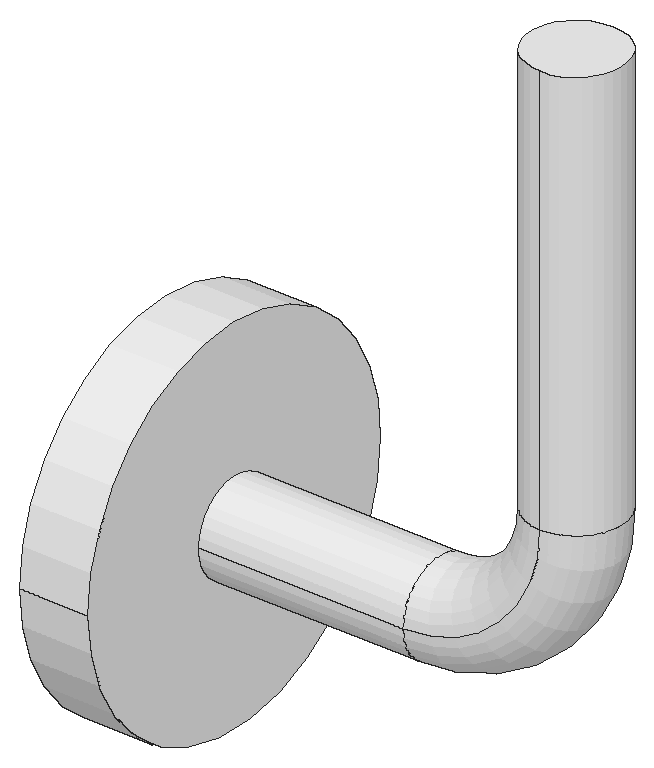
Revit family "001007_Bracket - Wall Mounted Handrail.0001", category 난간동자, Revit 2026
Family settings
  항상 수직 = 예
  로드될 때 보이드를 사용하여 절단 = 아니오
  공유 = 아니오
Parameters (values of type "Handrail - Bracket")
  built-in parameter 1008623 [instance] = 38.00°
  built-in parameter 1008625 [instance] = (empty or 0)
  Post = no
  built-in parameter 1008624 [instance] = 38.00°
  Baluster Material = Metal - Stainless Steel
  built-in parameter 1008622 [instance] = 900 mm
  Assembly Code = ""
Reference planes
  plane 1 "Center (Front/Back)": y = 0
  plane 2: z = 0
  plane 3 "Top": z = 900
  plane 4 "Top Cut Angle": through (0, 436.633, 558.865) normal (0, -0.6157, -0.788)
  plane 5 "Bottom Cut Angle": through (0, 0, 0) normal (0, -0.6157, -0.788)
  plane 6: z = 880.95
  plane 7: x = -57.15
  plane 8: z = 823.8
  plane 9: z = 804.75
  plane 10: z = 1052.4
  plane 11: y = 153.029
  plane 12: y = -152.02
  plane 13: x = 0
  plane 14: x = -47.625
  plane 15: x = 25.4
Forms (mm)
  Extrusion 1, solid, material "Metal - Stainless Steel" <- "Baluster Material", detail levels medium+fine
    sketch origin (0, 0, 0) x (0, 1, 0) y (0, 0, 1)
      loop
        circle (0, 804.75) r 25.4
    from -57.15 to -47.625
  Sweep 2, solid, material "Metal - Stainless Steel" <- "Baluster Material", detail levels medium+fine
    path origin (-175.107, 0, 5.016) x (1, 0, 0) y (0, 0, 1)
      loop
        line (175.107, 875.934) -> (175.107, 818.784)
        arc (175.107, 818.784) -> (169.527, 805.313) -> (156.057, 799.734) r 19.05
        line (156.057, 799.734) -> (127.482, 799.734)
    profile origin (0, 0, 852.375) x (0, -1, 0) y (1, 0, 0)
      loop
        circle (0, 0) r 6.35
Text (mm)
  text "Baluster Elevation" at (0, 1437.503, 1234.25), in view "Left"
Dimensions and locks
  "built-in parameter 1008622": plane 2 to plane 3 "Top"
  locked: plane 3 "Top" to plane 6 at 19.05
  plane 9 to plane 8 to plane 3 "Top" = 19.05 mm locked, 76.2 mm locked
  locked: plane 3 "Top" to plane 10 at 152.4
  locked: plane 7 to plane 13 at 57.15
  locked: plane 7 to plane 14 at 9.525
  "built-in parameter 1008623": angle plane 3 "Top" to plane 4 "Top Cut Angle"
  "built-in parameter 1008624": angle level to plane 5 "Bottom Cut Angle"
  aligned and locked: plane 9 to Sweep 2 sketch curve
  aligned and locked: plane 7 to Extrusion 1
  aligned and locked: plane 13 to Sweep 2 sketch curve
  aligned and locked: plane 6 to Sweep 2 sketch curve
Automatic sketch dimensions
  Extrusion 1 sketch curve to plane 1 "Center (Front/Back)" = 0 mm
  Extrusion 1 sketch curve to plane 9 = 0 mm
  Sweep 2 sketch curve to plane 1 "Center (Front/Back)" = 0 mm
  Sweep 2 sketch curve to profile plane = 0 mm
  Sweep 2 sketch curve to plane 14 = 0 mm
  Sweep 2 sketch curve to plane 8 = 0 mm
  radius of Extrusion 1 sketch curve = 25.4 mm
  radius of Sweep 2 sketch curve = 6.35 mm
